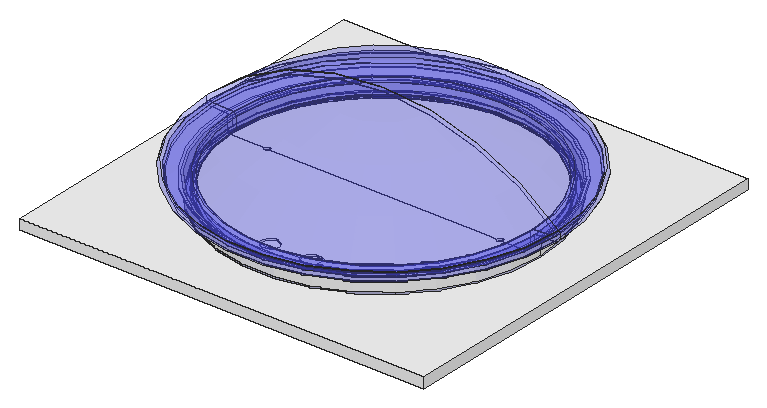
Revit family "BE_50733_de_DE", category Leuchten, Revit 2020
Family settings
  Basisbauteil = Fläche
  Bemaßung runder Anschluss = Durchmesser verwenden
  Teiletyp = Normal
  Beim Laden mit Abzugskörper schneiden = Ja
  Lichtquelle = Ja
  Gemeinsam genutzt = Nein
  Raumberechnungspunkt = Ja
Parameters (values of type "BEGA_50733_K3")
  built-in parameter 1150104 = 11.585 (stored number, unit not read)
  Wattage = 16.8 W
  Default Elevation = 0 mm
  built-in parameter 1150113 = 1 (stored number, unit not read)
  built-in parameter 1114218 = 1 (stored number, unit not read)
  Umgebungstemperatur = "25 °C"
  URL = "https://www.bega.com/de/produkt/50733"
  Typenkommentare = "© 2022 BEGA. Wir behalten uns das Recht vor, technische Änderungen ohne vorherige Ankündigung vorzunehmen."  # constant formula
  built-in parameter 1150134 = (empty or 0)
  built-in parameter 1150109 = 1 (stored number, unit not read)
  Strom = ""
  built-in parameter 1150110 = 1 (stored number, unit not read)
  Spannung = 239.996 V
  Sonderanfertigung = no
  Seriennummer [instance] = "Hier können Sie die eindeutige Seriennummer für das Facility Management eintragen."
  Schutzklasse = "I"
  Schutzart = "IP 20"
  Scheinlast = 0 VA
  Produktdatenblatt = "http://www.bega.de/download/Xrfa/db/50733.db.de.pdf"
  Oberflächentemperatur = ""
  Neigungswinkel = 0.00°
  Model = "50733K2"
  Material_17 = BEGA_Reflektor
  Material_15 = BEGA_Leuchtmedium_matt
  Material_11 = BEGA_Glas_opal
  Material_09 = BEGA_Glas_klar
  Material_06 = BEGA_Oberfläche_Edelstahl_gebürstet
  Material_03 = BEGA_Oberfläche_Weiss_matt
  Material_02 = BEGA_Oberfläche_Silber_matt
  Material_01 [instance] = BEGA_Oberfläche_Grafit_matt
  M_W = no
  M_G = no
  M_A = no
  Logo = 0
  built-in parameter 1114217 = 1 (stored number, unit not read)
  built-in parameter 1150139 = (empty or 0)
  built-in parameter 1150105 = 166.71 (stored number, unit not read)
  built-in parameter 1150114 = 1 (stored number, unit not read)
  Lumens = 2094.96 lm
  built-in parameter 1150115 = 1 (stored number, unit not read)
  Leuchtenlichtstrom = "1425 lm"
  Leuchtenanzahl = ""
  Lebensdauerkriterien = "L70B50 @ 25 °C = 200000 h"
  Lastklassifizierung = Beleuchtung
  built-in parameter 1150112 = 1 (stored number, unit not read)
  Lampenlichtstrom = "2095 lm"
  Lampe = "LED 16.8 W"
  LED_Modulbezeichnung = "LED-0511/927"
  Hersteller = "BEGA"  # constant formula
  Halbstreuwinkel = ""
  Gewicht = "2.9 kg"
  Gebrauchslageneinschränkung [instance] = ""
  Frequenz = "50/60 Hz"
  Farbwiedergabeindex = "CRI > 90"
  Farbtemperaturverschiebung bei Dämpfen der Lampe = <Keine Auswahl>
  Farbtemperatur = "2700 K"
  Color Filter = 16777215
  built-in parameter 1150133 = 10 (stored number, unit not read)
  Energieeffizienzklasse = "LED A++ - A"
  built-in parameter 1150137 = (empty or 0)
  built-in parameter 1150132 = (empty or 0)
  ENEC = ""
  Dimmbar [instance] = ""
  Photometric Web File = "BE_50733K2_Notbetrieb.IES"
  CE_Konformität = "ja"
  Bestellnummer = "50733K2"
  Beschreibung_Sonderanfertigung = "Hier können Sie Informationen zur Sonderanfertigung eintragen."
  Beschreibung = "Decken- und Wandleuchte"
  built-in parameter 1150106 = 1.6671 (stored number, unit not read)
  Befestigungsbohrung = "Ø 5,5 mm"
  Befestigungsabstand = "230 mm"
  Ballwurfsicher = ""
  BEGA_Intern_aus = yes
  BEGA_Intern_an = yes
  BEGA_Intern_Konstruktion = yes
  BEGA_Intern = yes
  BEGA_IES = yes
  BEGA_Dummy = no
  Anschlussleitung = ""
  Anschlussleistung [instance] = "21.5 W"
  Anschlusskasten = ""
  built-in parameter 1150107 = 2700 (stored number, unit not read)
  built-in parameter 1150102 = (empty or 0)
  built-in parameter 1150138 = (empty or 0)
  Aktualisierung = "2020-09-04T04:00:14"
  Abstand_zur_angestrahlten_Fläche [instance] = ""
  AC/DC = "AC"
Types (3, lengths in mm): name | built-in parameter 1150104 | built-in parameter 1150134 | Model | built-in parameter 1150105 | Lumens | Leuchtenlichtstrom | Lampenlichtstrom | LED_Modulbezeichnung | Farbtemperatur | Photometric Web File | Bestellnummer | built-in parameter 1150106 | built-in parameter 1150107
  BEGA_50733_K3 | 11.669 (stored number, unit not read) | (empty or 0) | "50733K3" | 606.59 (stored number, unit not read) | 2110.08 lm | "1437 lm" | "2110 lm" | "LED-0511/930" | "3000 K" | "BE_50733K3.IES" | "50733K3" | 6.0659 (stored number, unit not read) | 3000 (stored number, unit not read)
  BEGA_50733_K4 | 12.087 (stored number, unit not read) | 12 | "50733K4" | 628.24 (stored number, unit not read) | 2185.68 lm | "1488 lm" | "2185 lm" | "LED-0511/940" | "4000 K" | "BE_50733K4.IES" | "50733K4" | 6.2824 (stored number, unit not read) | 4000 (stored number, unit not read)
  BEGA_50733_K27 | 12.087 (stored number, unit not read) | 12 | "50733K27" | 628.24 (stored number, unit not read) | 2185.68 lm | "1425 lm" | "2095 lm" | "LED-0511/927" | "2700 K" | "BE_50733K27.IES" | "50733K27" | 6.2824 (stored number, unit not read) | 4000 (stored number, unit not read)
Reference planes
  plane 1 "Mitte (Vorne/Hinten)": y = 0
  plane 2: z = 0
  plane 3 "Mitte (Links/Rechts)": x = 0
  plane 4 "Links": x = -175.231
  plane 5 "Rechts": x = 175.231
  plane 6 "Unten": y = -175.2
  plane 7 "Oben": y = 175.2
  plane 8 "Vorne": z = 98.4
  plane 9 "Hinten": z = 0
Forms (mm)
  Extrusion 1, solid, material "BEGA_Platte_Weiss"
    sketch origin (0, -1119.2, 0) x (1, 0, 0) y (0, 1, 0)
      loop
        line (-200, 1319.2) -> (-200, 919.2) -> (200, 919.2) -> (200, 1319.2) -> (-200, 1319.2)
    from 0 to -10
  Extrusion 2, solid, material "BEGA_Dummy_matt", visible <- "BEGA_Dummy"
    sketch origin (76.911, -76.023, 0.092) x (1, 0, 0) y (0, 1, 0)
      loop
        circle (-77.149, 76.023) r 175
    from 0 to 98.307
Dimensions and locks
  plane 1 "Mitte (Vorne/Hinten)" to Extrusion 1 = 200 mm
  aligned and locked: plane 2 to Extrusion 1
  aligned and locked: level to Extrusion 1
Nested families
  nested 1: "BE_50733" at (0, 0, 0) x (0, -1, 0) z (0, 0, 1), type "BE_50733"
Connectors
  electrical at (0, 0, 0), driven by "Lastklassifizierung", driven by "Spannung", driven by "Scheinlast"
    settings: index 1, voltage 239.996 V, apparent load 0 VA, apparent load phase1 0 VA, apparent load phase2 0 VA, apparent load phase3 0 VA, power factor 1, load classification "Beleuchtung", number of poles 1, system type 31, power factor state 1, is connector primary yes, connector utility no, sub classification motor no, connector description ""
Definition of nested family "BE_50733"
  Parameters (values of type "BE_50733")
    Default Elevation = 1 mm
    URL = "http://www.bega.de/de/produkt"
    Type Comments = "© 2015 BEGA. Wir behalten uns das Recht vor, technische Änderungen ohne vorherige Ankündigung vorzunehmen. "  # constant formula
    Type Image = (empty or 0)
    Neigungswinkel_um_Z2 = 0.00°
    Neigungswinkel_um_Z1 = 0.00°
    Neigungswinkel_um_Y2 = 0.00°
    Neigungswinkel_um_Y1 = 0.00°
    Neigungswinkel_um_X2 = 0.00°
    Neigungswinkel_um_X1 = 0.00°
    Material_17 = none
    Material_15 = none
    Material_11 = none
    Material_09 = none
    Material_06 = none
    Material_05 = none
    Material_03 = none
    Material_02 = none
    Material_01 = none
    M_W = yes
    M_G = yes
    M_A = yes
    Länge_Platte = 500 mm  # constant formula
    Höhe_Platte = -10 mm  # constant formula
    Manufacturer = "BEGA"  # constant formula
    Drehwinkel_um_Z2 = 0.00°
    Drehwinkel_um_Z1 = 0.00°
    Breite_Platte = 500 mm  # constant formula
  Reference planes
    plane 1 "Mitte (Oben/Unten)": y = 0
    plane 2: z = 0
    plane 3 "Mitte (Links/Rechts)": x = 0
    plane 4: y = 175.231
    plane 5: z = 98.4
    plane 6: y = -175.231
    plane 7: x = -175.2
    plane 8: x = 175.2
  Forms (mm)
    Extrusion 1, solid, detail levels medium
      sketch origin (0, 0, 0) x (1, 0, 0) y (0, 1, 0)
        loop
          line (-250, 250) -> (-250, -250) -> (250, -250) -> (250, 250) -> (-250, 250)
      from 0 to -10 <- "Höhe_Platte"
    Revolve 2, solid, material <- "Material_03", detail levels medium+fine
      sketch origin (0, 0, 0) x (0, 1, 0) y (0, 0, 1)
        loop
          line (159, 19.8) -> (159, 20.8) -> (156.831, 20.8)
          arc (156.831, 20.8) -> (155.563, 20.284) -> (155.024, 19.025) r 1.8
          line (155.024, 19.025) -> (154.767, 4.283)
          arc (154.767, 4.283) -> (154.468, 3.587) -> (153.767, 3.3) r 1
          line (153.767, 3.3) -> (0, 3.3) -> (0, 2.3) -> (153.767, 2.3)
          arc (153.767, 2.3) -> (155.169, 2.873) -> (155.767, 4.265) r 2
          line (155.767, 4.265) -> (156.024, 19.01)
          arc (156.024, 19.01) -> (156.264, 19.571) -> (156.829, 19.8) r 0.8
          line (156.829, 19.8) -> (159, 19.8)
        axis (0, 2.3) -> (0, 20.8)
      angle from 0 to 360
    Revolve 3, solid, material <- "Material_03", detail levels medium+fine
      sketch origin (0, 0, 0) x (0, 1, 0) y (0, 0, 1)
        loop
          arc (124.13, 1.943) -> (124.474, 2.206) -> (124.896, 2.3) r 1
          line (124.896, 2.3) -> (125.896, 3.3) -> (117.75, 3.3) -> (117.75, 0) -> (121.108, 0)
          arc (121.108, 0) -> (122.369, 0.281) -> (123.395, 1.067) r 3
          line (123.395, 1.067) -> (124.13, 1.943)
        axis (115, 3.3) -> (115, 0)
      angle from 0 to 360
    Revolve 4, solid, material <- "Material_03", detail levels medium+fine
      sketch origin (0, 0, 0) x (0, -1, 0) y (0, 0, 1)
        loop
          arc (124.13, 1.943) -> (124.474, 2.206) -> (124.896, 2.3) r 1
          line (124.896, 2.3) -> (125.896, 3.3) -> (117.75, 3.3) -> (117.75, 0) -> (121.108, 0)
          arc (121.108, 0) -> (122.369, 0.281) -> (123.395, 1.067) r 3
          line (123.395, 1.067) -> (124.13, 1.943)
        axis (115, 3.3) -> (115, 0)
      angle from 0 to 360
    Extrusion 5, void
      sketch origin (0, 0, 0) x (1, 0, 0) y (0, 1, 0)
        loop
          circle (115, 20) r 8.5
        loop
          circle (115, -20) r 8.5
        loop
          circle (0, 115) r 2.75
        loop
          circle (0, -115) r 2.75
      from 1.096 to 7.205
    Revolve 6, solid, material <- "Material_11", detail levels medium+fine
      sketch origin (0, 0, 0) x (0, 1, 0) y (0, 0, 1)
        loop
          line (153.75, 4.9) -> (153.75, 8.389)
          arc (153.75, 8.389) -> (153.616, 8.889) -> (153.25, 9.256) r 1
          line (153.25, 9.256) -> (149.499, 11.421)
          arc (149.499, 11.421) -> (149.133, 11.787) -> (149, 12.287) r 1
          line (149, 12.287) -> (149, 19.451)
          arc (149, 19.451) -> (149.277, 20.142) -> (149.956, 20.45) r 1
          line (149.956, 20.45) -> (169.559, 21.477)
          arc (169.559, 21.477) -> (174.894, 25.484) -> (173.228, 31.944) r 6
          arc (173.228, 31.944) -> (92.769, 81.216) -> (0, 98.4) r 258.999
          line (0, 98.4) -> (0, 94.4)
          arc (0, 94.4) -> (91.33, 77.483) -> (170.543, 28.978) r 255
          arc (170.543, 28.978) -> (171.123, 26.82) -> (169.341, 25.472) r 2
          line (169.341, 25.472) -> (148.791, 24.394)
          arc (148.791, 24.394) -> (146.425, 23.461) -> (145.1, 21.289) r 4
          line (145.1, 21.289) -> (145.1, 11.074)
          arc (145.1, 11.074) -> (145.5, 9.577) -> (146.592, 8.479) r 3.001
          line (146.592, 8.479) -> (148.263, 7.514)
          arc (148.263, 7.514) -> (149.358, 6.407) -> (149.75, 4.9) r 3.002
          line (149.75, 4.9) -> (153.75, 4.9)
        axis (0, 98.4) -> (0, 4.9)
      angle from 0 to 360
  Cuts and joins
    Extrusion 5 cuts Revolve 2
    Extrusion 5 cuts Revolve 3
    Extrusion 5 cuts Revolve 4
    joined: Revolve 2, Revolve 3, Revolve 4
  Dimensions and locks
    equal spacing: Extrusion 1 sketch curve, plane 3 "Mitte (Links/Rechts)", Extrusion 1 sketch curve
    equal spacing: Extrusion 1 sketch curve, plane 1 "Mitte (Oben/Unten)", Extrusion 1 sketch curve
    "Länge_Platte": Extrusion 1 sketch curve to Extrusion 1 sketch curve
    "Breite_Platte": Extrusion 1 sketch curve to Extrusion 1 sketch curve
    aligned and locked: Extrusion 1 to plane 2
    aligned and locked: level to Extrusion 1
  Automatic sketch dimensions
    Revolve 3 sketch curve to level = 0 mm
    level to Revolve 3 sketch curve = 3.3 mm
    Revolve 3 sketch curve to Revolve 3 sketch curve = 3.351 mm
    Revolve 3 sketch curve to Revolve 3 sketch curve = 0.007 mm
    level to Revolve 3 sketch curve = 1.067 mm
    Revolve 3 sketch curve to Revolve 3 sketch curve = 2.287 mm
    level to Revolve 3 sketch curve = 2.3 mm
    Revolve 3 sketch curve to Revolve 3 sketch curve = 1.501 mm
    Revolve 3 sketch curve to Revolve 3 sketch curve = 0 mm  (x2)
    Revolve 3 sketch curve to Revolve 3 sketch curve = 1 mm  (x2)
    Revolve 3 sketch curve to Revolve 3 sketch curve = 2.75 mm
    level to Revolve 3 sketch curve = 1.943 mm
    Revolve 3 sketch curve to Revolve 3 sketch curve = 0.766 mm
    Revolve 3 sketch curve to level = 2.001 mm
    Revolve 3 sketch curve to Revolve 3 sketch curve = 2 mm
    Revolve 4 sketch curve to level = 0 mm
    Revolve 4 sketch curve to level = 3.3 mm
    Revolve 4 sketch curve to Revolve 4 sketch curve = 3.351 mm
    Revolve 4 sketch curve to Revolve 4 sketch curve = 0.007 mm
    Revolve 4 sketch curve to level = 1.067 mm
    Revolve 4 sketch curve to Revolve 4 sketch curve = 2.287 mm
    Revolve 4 sketch curve to level = 2.3 mm
    Revolve 4 sketch curve to Revolve 4 sketch curve = 1.501 mm
    Revolve 4 sketch curve to Revolve 4 sketch curve = 0 mm  (x2)
    Revolve 4 sketch curve to Revolve 4 sketch curve = 1 mm  (x2)
    Revolve 4 sketch curve to Revolve 4 sketch curve = 2.75 mm
    Revolve 4 sketch curve to level = 1.943 mm
    Revolve 4 sketch curve to Revolve 4 sketch curve = 0.766 mm
    level to Revolve 4 sketch curve = 2.001 mm
    Revolve 4 sketch curve to Revolve 4 sketch curve = 2 mm
    Revolve 3 sketch curve to plane 1 "Mitte (Oben/Unten)" = 117.75 mm
    Revolve 4 sketch curve to plane 1 "Mitte (Oben/Unten)" = 117.75 mm
    Revolve 2 sketch curve to Revolve 2 sketch curve = 0 mm  (x11)
    Revolve 2 sketch curve to plane 1 "Mitte (Oben/Unten)" = 0 mm  (x2)
    level to Revolve 2 sketch curve = 4.3 mm
    level to Revolve 2 sketch curve = 4.283 mm
    Revolve 2 sketch curve to Revolve 2 sketch curve = 1 mm  (x4)
    Revolve 2 sketch curve to Revolve 2 sketch curve = 0.257 mm
    Revolve 2 sketch curve to Revolve 2 sketch curve = 0.8 mm
    Revolve 2 sketch curve to Revolve 2 sketch curve = 0.004 mm
    Revolve 2 sketch curve to Revolve 2 sketch curve = 0.002 mm
    Revolve 2 sketch curve to Revolve 2 sketch curve = 2.169 mm
    Revolve 2 sketch curve to Revolve 2 sketch curve = 14.717 mm
    Revolve 2 sketch curve to Revolve 2 sketch curve = 0.01 mm
    Revolve 2 sketch curve to Revolve 2 sketch curve = 0.015 mm
    level to Revolve 2 sketch curve = 4.265 mm
    Revolve 2 sketch curve to Revolve 2 sketch curve = 4 mm
    Revolve 6 sketch curve to Revolve 6 sketch curve = 0 mm  (x13)
    Revolve 6 sketch curve to plane 1 "Mitte (Oben/Unten)" = 0 mm  (x3)
    plane 1 "Mitte (Oben/Unten)" to Revolve 6 sketch curve = 0 mm
    level to Revolve 6 sketch curve = 8.479 mm
    Revolve 6 sketch curve to Revolve 6 sketch curve = 1.492 mm
    Revolve 6 sketch curve to Revolve 6 sketch curve = 0.156 mm
    Revolve 6 sketch curve to Revolve 6 sketch curve = 1.509 mm
    level to Revolve 6 sketch curve = 7.514 mm
    Revolve 6 sketch curve to Revolve 6 sketch curve = 1.671 mm
    Revolve 6 sketch curve to Revolve 6 sketch curve = 3.9 mm
    level to Revolve 6 sketch curve = 11.421 mm
    Revolve 6 sketch curve to Revolve 6 sketch curve = 1.397 mm
    Revolve 6 sketch curve to Revolve 6 sketch curve = 3.001 mm
    Revolve 6 sketch curve to Revolve 6 sketch curve = 0.956 mm
    Revolve 6 sketch curve to Revolve 6 sketch curve = 0.044 mm
    Revolve 6 sketch curve to Revolve 6 sketch curve = 0.501 mm
    Revolve 6 sketch curve to Revolve 6 sketch curve = 3.251 mm
    Revolve 6 sketch curve to Revolve 6 sketch curve = 1 mm
    Revolve 6 sketch curve to Revolve 6 sketch curve = 19.275 mm
    level to Revolve 6 sketch curve = 25.472 mm
    Revolve 6 sketch curve to Revolve 6 sketch curve = 0.11 mm
    level to Revolve 6 sketch curve = 21.477 mm
    Revolve 6 sketch curve to Revolve 6 sketch curve = 0.219 mm
    Revolve 6 sketch curve to Revolve 6 sketch curve = 2.591 mm
    Revolve 6 sketch curve to level = 160.599 mm
    Revolve 6 sketch curve to Revolve 6 sketch curve = 3.489 mm
    Revolve 6 sketch curve to Revolve 6 sketch curve = 0.348 mm
    Revolve 6 sketch curve to Revolve 6 sketch curve = 0.866 mm  (x2)
    Revolve 6 sketch curve to Revolve 6 sketch curve = 7.164 mm
    Revolve 6 sketch curve to Revolve 6 sketch curve = 0.949 mm
    Revolve 6 sketch curve to Revolve 6 sketch curve = 0.05 mm
    Revolve 6 sketch curve to Revolve 6 sketch curve = 0.889 mm
    Revolve 6 sketch curve to Revolve 6 sketch curve = 1.997 mm
    level to Revolve 6 sketch curve = 94.4 mm
    Revolve 6 sketch curve to Revolve 6 sketch curve = 4 mm
    Revolve 6 sketch curve to Revolve 6 sketch curve = 0.209 mm
    Revolve 6 sketch curve to Revolve 6 sketch curve = 0.499 mm
    Revolve 6 sketch curve to Revolve 6 sketch curve = 0.5 mm
    level to Revolve 6 sketch curve = 9.256 mm
    Revolve 6 sketch curve to Revolve 6 sketch curve = 0.07 mm
    Extrusion 5 sketch curve to plane 3 "Mitte (Links/Rechts)" = 0 mm  (x2)
    plane 1 "Mitte (Oben/Unten)" to Extrusion 5 sketch curve = 20 mm
    Extrusion 5 sketch curve to plane 1 "Mitte (Oben/Unten)" = 20 mm
    plane 3 "Mitte (Links/Rechts)" to Extrusion 5 sketch curve = 115 mm
    Extrusion 5 sketch curve to Extrusion 5 sketch curve = 0 mm
    Revolve 2 sketch curve to plane 1 "Mitte (Oben/Unten)" = 153.767 mm
    Extrusion 5 sketch curve to plane 1 "Mitte (Oben/Unten)" = 115 mm
    Revolve 6 sketch curve to plane 1 "Mitte (Oben/Unten)" = 145.1 mm
    plane 1 "Mitte (Oben/Unten)" to Extrusion 5 sketch curve = 115 mm
    Revolve 6 sketch curve to Revolve 6 sketch curve = 26.07 mm
    radius of Extrusion 5 sketch curve = 8.5 mm  (x2)
    radius of Extrusion 5 sketch curve = 2.75 mm  (x2)
